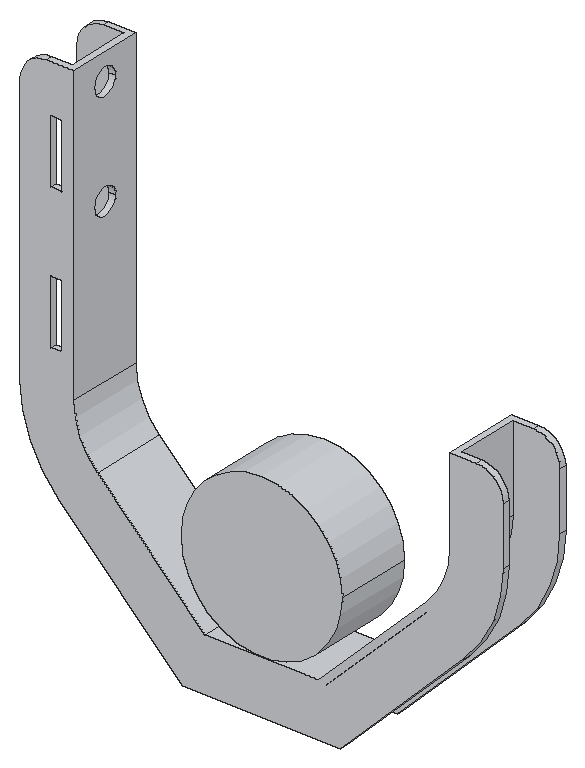
Revit family
Parameters
  URL = "www.siouxchief.com"
  Model = "521-723B"
  Manufacturer = "Sioux Chief Manufacturing"
  Keynote = "Commercial Chase Bracket"
  Description = "1 1/2\" Bracket"
Reference planes (in)
  plane 1 "Center (Front/Back)": y = 0
  plane 2: z = 0
  plane 3 "Center (Left/Right)": x = 0
Forms (in)
  Sweep 1, solid
    path origin (-1.74985, -0.00531, -17.375) x (0, 0, 1) y (-1, 0, 0)
      loop
        line (25.11806, 0) -> (22.36816, 0)
        arc (22.36816, 0) -> (22.08111, -0.0571) -> (21.83776, -0.2197) r 0.7501
        line (21.83776, -0.2197) -> (20.83796, -1.2195) -> (20.83796, -2.2802) -> (21.83776, -3.28)
        arc (21.83776, -3.28) -> (22.08111, -3.4426) -> (22.36816, -3.4997) r 0.7501
        line (22.36816, -3.4997) -> (23.15716, -3.4997)
    profile origin (-1.74985, -0.00531, 6.36811) x (0, -1, 0) y (1, 0, 0)
      loop
        line (-0.359, 0) -> (-0.359, -0.5) -> (-0.299, -0.5) -> (-0.299, -0.06) -> (0.299, -0.06) -> (0.299, -0.5) -> (0.359, -0.5) -> (0.359, 0) -> (-0.359, 0)
  Extrusion 2, void
    sketch origin (2.29588, -0.75, -1.9609) x (0, 0, 1) y (-1, 0, 0)
      loop
        line (7.74306, 0.04603) -> (7.74306, 0.29603)
        arc (7.74306, 0.29603) -> (7.66983, 0.11925) -> (7.49306, 0.04603) r 0.25
        line (7.49306, 0.04603) -> (7.74306, 0.04603)
    from -1.22856 to -0.23725
  Extrusion 3, void
    sketch origin (-2.29588, -0.75, 0) x (0, 0, 1) y (-1, 0, 0)
      loop
        line (7.74306, -0.04603) -> (7.49306, -0.04603)
        arc (7.49306, -0.04603) -> (7.66983, -0.11925) -> (7.74306, -0.29603) r 0.25
        line (7.74306, -0.29603) -> (7.74306, -0.04603)
    from -1.22856 to -0.23725
  Extrusion 4, void
    sketch origin (-2.34405, -0.75, 0.05) x (0, 0, 1) y (-1, 0, 0)
      loop
        line (7.24348, -0.47897) -> (7.24348, -0.37807) -> (6.64348, -0.37807) -> (6.64348, -0.47897) -> (7.24348, -0.47897)
    from -1.10369 to -0.38569
  Extrusion 5, void
    sketch origin (-2.34405, -0.75, -1.288) x (0, 0, 1) y (-1, 0, 0)
      loop
        line (7.24348, -0.47897) -> (7.24348, -0.37807) -> (6.64348, -0.37807) -> (6.64348, -0.47897) -> (7.24348, -0.47897)
    from -1.10369 to -0.38569
  Extrusion 6, void
    sketch origin (-2.29505, 0, 0) x (0, 1, 0) y (0, 0, 1)
      loop
        circle (-0.00531, 7.49306) r 0.125
    from 0.4852 to 0.5452
  Extrusion 7, void
    sketch origin (-2.29505, 0, -1) x (0, 1, 0) y (0, 0, 1)
      loop
        circle (-0.00531, 7.49306) r 0.125
    from 0.4852 to 0.5452
  Extrusion 8, solid
    sketch origin (0, -0.75, 0.36719) x (0, 0, 1) y (-1, 0, 0)
      loop
        circle (3.85184, 0) r 0.75
    from -1.10369 to -0.38569
Cuts and joins
  Extrusion 2, Extrusion 3, Extrusion 4, Extrusion 5, Extrusion 6, Extrusion 7 cuts Sweep 1
Dimensions and locks (in)
  aligned and locked: plane 2 to level
  aligned and locked: cut or joined group of Sweep 1, Extrusion 2, Extrusion 3, Extrusion 4, Extrusion 5, Extrusion 6, Extrusion 7 to Extrusion 8  (x2)
Connectors (in)
  piping at (0, 0.35369, 4.21902)
    settings: on Extrusion 8, index 1, connector radius 3/4", flow factor 0, pipe flow 0 GPM, pressure drop 0.00 psi, fitting loss kfactor 0, connector angle 0.00°, fixture units 0, flow configuration 0, flow direction 0, fitting loss method 0, system type 22, connector reference index -1, connector utility 0, adjustable connector no, is connector primary yes, fitting loss table "", connector description ""
  piping at (0, -0.36431, 4.21902)
    settings: on Extrusion 8, index 2, connector radius 3/4", flow factor 0, pipe flow 0 GPM, pressure drop 0.00 psi, fitting loss kfactor 0, connector angle 0.00°, fixture units 0, flow configuration 0, flow direction 0, fitting loss method 0, system type 22, connector reference index -1, connector utility 0, adjustable connector no, is connector primary no, fitting loss table "", connector description ""
